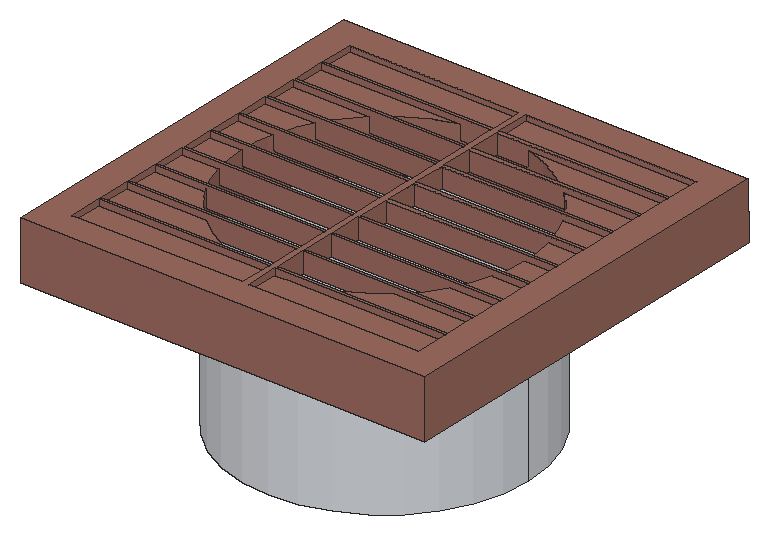
Revit family "9021012", category Air Terminals, host Face, Revit 2023
Family settings
  Host = Face
  Round Connector Dimension = Use Diameter
  Part Type = Normal
  Cut with Voids When Loaded = No
  Shared = No
  Room Calculation Point = No
Parameters (values of type "154 x 154 x 100mm Dia - Beige With F/S")
  WorkExecutionLevel = "N/A"
  WeeklyMaintenance = "N/A"
  WarrantyStartDate [instance] = "N/A"
  WarrantyPeriod = "2"
  WarrantyIdentifier = "N/A"
  WarrantyGuarantorParts = "info@airflow.com"
  WarrantyGuarantorLabor = "info@airflow.com"
  WarrantyGuarantor = "Airflow Developments Ltd"
  WarrantyEndDate [instance] = "N/A"
  WarrantyContent = "Replacement of part if faulty"
  Uniclass2015 = "Pr_65_70_46_01"
  TotalSurfaceArea [instance] = 0.0196 m²
  TagNumber [instance] = "N/A"
  Status [instance] = "New"
  Size = "46 x 140 x 140"
  ShippingWeight = 0.012 kg
  Shape = "Rectangular"
  ServiceLifeType = "EXPECTEDSERVICELIFE"
  ServiceLifeDuration = "10"
  SerialNumber [instance] = "N/A"
  ReplacementCost = "6.348"
  QuarterlyMaintenance = "N/A"
  QualityOfComponents = "N/A"
  ProductionYear = "2017"
  ProductLiterature = "N/A"
  PointOfContact = "Airflow Developments Ltd"
  Perimeter [instance] = 560 mm
  OutdoorEnviornment = "N/A"
  OperationAndMaintenanceManual = "N/A"
  NumberOfSlots = 20
  NominalWidth = 140 mm
  NominalLength = 46 mm
  NominalHeight = 140 mm
  NBSCode = "90-75-50/370 Air terminals;"
  MountingType = "SURFACE"
  MonthlyMaintenance = "N/A"
  ModelReference = "90002008"
  ModelLabel = "154 x 154 x 100mm dia. Fixed Grille (Beige) with F/S"
  MeanTimeBetweenFailure = "N/A"
  Material = "Plastic"
  ManufacturerWebsite = "www.airflow.com"
  ManufacturerTelephone = "01494 525252"
  ManufacturerE-Mail = "info@airflow.com"
  ManufacturerAddress = "Aidelle House\nLancaster Road\nCressex Business Park\nHigh Wycombe\nBucks\nHP123QP"
  Manufacturer = "Airflow Developments Ltd"
  MaintenanceRequired8001to12000hrs = "N/A"
  MaintenanceRequired601to1000hrs = "N/A"
  MaintenanceRequired4001to8000hrs = "N/A"
  MaintenanceRequired301to600hrs = "N/A"
  MaintenanceRequired2001to4000hrs = "N/A"
  MaintenanceRequired1001to2000hrs = "N/A"
  MaintenanceRequired0to300hrs = "N/A"
  MaintenanceLevel = "N/A"
  IsExtendedWarranty = no
  IndoorEnviornment = "N/A"
  InUseConditions = "N/A"
  ISO90001 = yes
  ISO140001 = yes
  HasThermalInsulation = no
  HasSoundAttenuator = no
  HasIntegralControl = no
  GrossWeight = 0.01 kg
  Grade = "Virgin"
  GlobalTradeItemNumber = "N/A"
  Fly_Screen = yes
  FlowControlType = "NONE"
  Flow [instance] = 0.0 L/s
  Finish = "Matte"
  Features [instance] = "154 x 154 x 100mm dia. Fixed Grille (Beige) with F/S"
  FaceType = "LOUVERED"
  External_Grille = CADS_AirFlow_Brown
  Exclusions = "Incorrect Use / Incorrect Installation / Installed by a non-accredited electrician. Customer abuse."
  Dv = D - 2 mm  # 98 mm
  DurationUnit = "Years"
  DesignLevel = "N/A"
  Description = "154 x 154 x 100mm dia. Fixed Grille (Beige) with F/S"
  Default Elevation = 1219.2 mm
  DailyMaintenance = "N/A"
  D = 100 mm
  Constituents = "Brown"
  Color = "Brown"
  CodePerformance = "N/A"
  CEApproval = yes
  BespokeTimeFrameMaintenance = "N/A"
  B = 20 mm
  AssetType = "Fixed"
  AssetIdentifier [instance] = "N/A"
  AssemblyPlace = "N/A"
  AnnualMaintenance = "N/A"
  AirflowRateRange = "0-61"
  AccessibilityPerformance = "N/A"
  A = 140 mm
  6MonthlyMaintenance = "Visually inspect system, clean the fan and ducting if necessary"
Types (18, lengths in mm): name | TotalSurfaceArea | Size | ShippingWeight | ReplacementCost | Perimeter | NumberOfSlots | NominalWidth | NominalLength | NominalHeight | ModelReference | ModelLabel | GrossWeight | Fly_Screen | Features | External_Grille | Dv | Description | D | Constituents | Color | A
  (no name) | 0.0196 m² | "46 x 140 x 140" | 0.012 kg | "6.348" | 560 | 20 | 140 | 46 | 140 | "90002008" | "154 x 154 x 100mm dia. Fixed Grille (Beige) with F/S" | 0.01 kg | yes | "154 x 154 x 100mm dia. Fixed Grille (Beige) with F/S" | CADS_AirFlow_Brown | 98 | "154 x 154 x 100mm dia. Fixed Grille (Beige) with F/S" | 100 | "Brown" | "Brown" | 140
  140 x 140 x 100mm Dia - White | 0.0196 m² | "46 x 140 x 140" | 0.012 kg | "4.752" | 560 | 20 | 140 | 46 | 140 | "52641101" | "140 x 140 x 100mm dia. Fixed Grille (White) No F/S" | 0.01 kg | no | "140 x 140 x 100mm dia. Fixed Grille (White) No F/S" | CADS_AirFlow_White | 98 | "140 x 140 x 100mm dia. Fixed Grille (White) No F/S" | 100 | "White" | "White" | 140
  140 x 140 x 100mm Dia -  Grey | 0.0196 m² | "46 x 140 x 140" | 0.012 kg | "4.752" | 560 | 20 | 140 | 46 | 140 | "52641102" | "140 x 140 x 100mm dia. Fixed Grille (Grey) No F/S" | 0.01 kg | no | "140 x 140 x 100mm dia. Fixed Grille (Grey) No F/S" | CADS_AirFlow_Grey | 98 | "140 x 140 x 100mm dia. Fixed Grille (Grey) No F/S" | 100 | "Grey" | "Grey" | 140
  140 x 140 x 100mm Dia - Terracotta | 0.0196 m² | "46 x 140 x 140" | 0.012 kg | "4.752" | 560 | 20 | 140 | 46 | 140 | "52641103" | "140 x 140 x 100mm dia. Fixed Grille (Terracotta) No F/S" | 0.01 kg | no | "140 x 140 x 100mm dia. Fixed Grille (Terracotta) No F/S" | CADS_AirFlow_Terracotta | 98 | "140 x 140 x 100mm dia. Fixed Grille (Terracotta) No F/S" | 100 | "Terracotta" | "Terracotta" | 140
  140 x 140 x 100mm Dia - Brown | 0.0196 m² | "46 x 140 x 140" | 0.012 kg | "4.752" | 560 | 20 | 140 | 46 | 140 | "52641104" | "140 x 140 x 100mm dia. Fixed Grille (Brown) No F/S" | 0.01 kg | no | "140 x 140 x 100mm dia. Fixed Grille (Brown) No F/S" | CADS_AirFlow_Brown | 98 | "140 x 140 x 100mm dia. Fixed Grille (Brown) No F/S" | 100 | "Brown" | "Brown" | 140
  140 x 140 x 100mm Dia - Beige | 0.0196 m² | "46 x 140 x 140" | 0.012 kg | "4.752" | 560 | 20 | 140 | 46 | 140 | "52641105" | "140 x 140 x 100mm dia. Fixed Grille (Beige) No F/S" | 0.01 kg | no | "140 x 140 x 100mm dia. Fixed Grille (Beige) No F/S" | CADS_AirFlow_Beige | 98 | "140 x 140 x 100mm dia. Fixed Grille (Beige) No F/S" | 100 | "Beige" | "Beige" | 140
  140 x 140 x 100mm Dia - Brown With F/S | 0.0196 m² | "46 x 140 x 140" | 0.012 kg | "6.348" | 560 | 20 | 140 | 46 | 140 | "9021012" | "140 x 140 x 100mm dia. Fixed Grille (Brown) with F/S" | 0.01 kg | yes | "140 x 140 x 100mm dia. Fixed Grille (Brown) with F/S" | CADS_AirFlow_Brown | 98 | "140 x 140 x 100mm dia. Fixed Grille (Brown) with F/S" | 100 | "Brown" | "Brown" | 140
  140 x 140 x 100mm Dia - Terracotta With F/S | 0.0196 m² | "47 x 140 x 140" | 0.012 kg | "6.348" | 560 | 20 | 150 | 46 | 150 | "9021082" | "140 x 140 x 100mm dia. Fixed Grille (Terracotta) with F/S" | 0.01 kg | yes | "140 x 140 x 100mm dia. Fixed Grille (Terracotta) with F/S" | CADS_AirFlow_Terracotta | 98 | "140 x 140 x 100mm dia. Fixed Grille (Terracotta) with F/S" | 100 | "Terracotta" | "Terracotta" | 140
  150 x 150 x 100mm Dia - White With F/S | 0.0225 m² | "46 x 150 x 150" | 0.012 kg | "7.944" | 600 | 20 | 140 | 46 | 140 | "9021172" | "150 x 150 x 100mm dia. Fixed Grille (White) with F/S" | 0.01 kg | yes | "150 x 150 x 100mm dia. Fixed Grille (White) with F/S" | CADS_AirFlow_White | 98 | "150 x 150 x 100mm dia. Fixed Grille (White) with F/S" | 100 | "White" | "White" | 150
  160 x 160 x 125mm Dia -Terracotta | 0.0256 m² | "39 x 160 x 160" | 0.012 kg | "6.828" | 640 | 62 | 160 | 39 | 160 | "9041223" | "160 x 160 x 125mm dia. Fixed Grille (Terracotta) No F/S" | 0.01 kg | no | "160 x 160 x 125mm dia. Fixed Grille (Terracotta) No F/S" | CADS_AirFlow_Terracotta | 123 | "160 x 160 x 125mm dia. Fixed Grille (Terracotta) No F/S" | 125 | "Terracotta" | "Terracotta" | 160
  160 x 160 x 125mm Dia - Brown | 0.0256 m² | "39 x 160 x 160" | 0.012 kg | "6.828" | 640 | 20 | 160 | 39 | 160 | "9041222" | "160 x 160 x 125mm dia. Fixed Grille (Brown) No F/S" | 0.01 kg | no | "160 x 160 x 125mm dia. Fixed Grille (Brown) No F/S" | CADS_AirFlow_Brown | 123 | "160 x 160 x 125mm dia. Fixed Grille (Brown) No F/S" | 125 | "Brown" | "Brown" | 160
  160 x 160 x 125mm Dia - White | 0.0256 m² | "39 x 160 x 160" | 0.012 kg | "6.828" | 640 | 20 | 160 | 39 | 160 | "9041221" | "160 x 160 x 125mm dia. Fixed Grille (White) No F/S" | 0.01 kg | no | "160 x 160 x 125mm dia. Fixed Grille (White) No F/S" | CADS_AirFlow_White | 123 | "160 x 160 x 125mm dia. Fixed Grille (White) No F/S" | 125 | "White" | "White" | 160
  180 x 180 x 150mm Dia - White | 0.0324 m² | "48 x 180 x 180" | 0.018 kg | "9.528" | 720 | 20 | 180 | 48 | 180 | "52641106" | "180 x 180 x 150mm dia. Fixed Grille (White)" | 0.015 kg | no | "180 x 180 x 150mm dia. Fixed Grille (White)" | CADS_AirFlow_White | 148 | "180 x 180 x 150mm dia. Fixed Grille (White)" | 150 | "White" | "White" | 175
  180 x 180 x 150mm Dia - Grey | 0.0324 m² | "48 x 180 x 180" | 0.018 kg | "9.528" | 720 | 20 | 180 | 48 | 180 | "52641107" | "180 x 180 x 150mm dia. Fixed Grille (Grey)" | 0.015 kg | no | "180 x 180 x 150mm dia. Fixed Grille (Grey)" | CADS_AirFlow_Grey | 148 | "180 x 180 x 150mm dia. Fixed Grille (Grey)" | 150 | "Grey" | "Grey" | 175
  180 x 180 x 150mm Dia - Terracotta | 0.0324 m² | "48 x 180 x 180" | 0.018 kg | "9.528" | 720 | 20 | 180 | 48 | 180 | "52641108" | "180 x 180 x 150mm dia. Fixed Grille (Terracotta)" | 0.015 kg | no | "180 x 180 x 150mm dia. Fixed Grille (Terracotta)" | CADS_AirFlow_Terracotta | 148 | "180 x 180 x 150mm dia. Fixed Grille (Terracotta)" | 150 | "Terracotta" | "Terracotta" | 175
  180 x 180 x 150mm Dia - Brown | 0.0324 m² | "48 x 180 x 180" | 0.018 kg | "9.528" | 720 | 20 | 180 | 48 | 180 | "52641109" | "180 x 180 x 150mm dia. Fixed Grille (Brown)" | 0.015 kg | no | "180 x 180 x 150mm dia. Fixed Grille (Brown)" | CADS_AirFlow_Brown | 148 | "180 x 180 x 150mm dia. Fixed Grille (Brown)" | 150 | "Brown" | "Brown" | 175
  180 x 180 x 150mm Dia - Beige | 0.0324 m² | "48 x 180 x 180" | 0.018 kg | "9.528" | 720 | 20 | 180 | 48 | 180 | "52641110" | "180 x 180 x 150mm dia. Fixed Grille (Beige)" | 0.015 kg | no | "180 x 180 x 150mm dia. Fixed Grille (Beige)" | CADS_AirFlow_Beige | 148 | "180 x 180 x 150mm dia. Fixed Grille (Beige)" | 150 | "Beige" | "Beige" | 175
  154 x 154 x 100mm Dia - Beige With F/S | 0.0196 m² | "46 x 140 x 140" | 0.012 kg | "6.348" | 560 | 20 | 140 | 46 | 140 | "90002008" | "154 x 154 x 100mm dia. Fixed Grille (Beige) with F/S" | 0.01 kg | yes | "154 x 154 x 100mm dia. Fixed Grille (Beige) with F/S" | CADS_AirFlow_Brown | 98 | "154 x 154 x 100mm dia. Fixed Grille (Beige) with F/S" | 100 | "Brown" | "Brown" | 140
Reference planes
  plane 1 "Center (Front/Back)": y = 0
  plane 2: z = 0
  plane 3 "Center (Left/Right)": x = 0
  plane 4: x = -70
  plane 5: x = 70
  plane 6: y = 70
  plane 7: y = -70
  plane 8: z = 20
  plane 9: z = 18
  plane 10: z = -50
  plane 11: x = -60
  plane 12: x = 60
  plane 13: y = 60
  plane 14: y = -60
  plane 15: y = 48
  plane 16: y = 48.5
  plane 17: y = 47.5
  plane 18: y = 36
  plane 19: y = 36.5
  plane 20: y = 35.5
  plane 21: y = 24
  plane 22: y = 24.5
  plane 23: y = 23.5
  plane 24: y = 12
  plane 25: y = 12.5
  plane 26: y = 11.5
  plane 27: y = -12
  plane 28: y = -11.5
  plane 29: y = -12.5
  plane 30: y = -24
  plane 31: y = -23.5
  plane 32: y = -24.5
  plane 33: y = -36
  plane 34: y = -35.5
  plane 35: y = -36.5
  plane 36: y = -48
  plane 37: y = -47.5
  plane 38: y = -48.5
  plane 39: y = 0.5
  plane 40: y = -0.5
  plane 41: x = -1
  plane 42: x = 1
  plane 43: z = 13
  plane 44: y = 20
  plane 45: y = -20
Forms (mm)
  Extrusion 1, solid, material "CADS_AirFlow_Brown" <- "External_Grille", detail levels medium+fine
    sketch origin (0, 0, 0) x (1, 0, 0) y (0, 1, 0)
      loop
        line (-70, 70) -> (-70, -70) -> (70, -70) -> (70, 70) -> (-70, 70)
    from 0 to 18
  Extrusion 2, solid, material "CADS_AirFlow_Brown" <- "External_Grille", detail levels medium+fine
    sketch origin (0, 0, 0) x (1, 0, 0) y (0, 1, 0)
      loop
        line (-60, 60) -> (-60, -60) -> (60, -60) -> (60, 60) -> (-60, 60)
    from 13 to 20
  Extrusion 3, solid
    sketch origin (0, 0, 0) x (1, 0, 0) y (0, 1, 0)
      loop
        circle (0, 0) r 50
    from -50 to 0
  Extrusion 4, void, detail levels medium+fine
    sketch origin (0, 0, 0) x (1, 0, 0) y (0, 1, 0)
      loop
        circle (0, 0) r 49
    from -50 to 18
  Extrusion 5, void, detail levels medium+fine
    sketch origin (0, 0, 0) x (1, 0, 0) y (0, 1, 0)
      loop
        line (-60, 60) -> (-60, 48.5) -> (-1, 48.5) -> (-1, 60) -> (-60, 60)
      loop
        line (-60, 47.5) -> (-60, 36.5) -> (-1, 36.5) -> (-1, 47.5) -> (-60, 47.5)
      loop
        line (-60, 35.5) -> (-60, 24.5) -> (-1, 24.5) -> (-1, 35.5) -> (-60, 35.5)
      loop
        line (-60, 23.5) -> (-60, 12.5) -> (-1, 12.5) -> (-1, 23.5) -> (-60, 23.5)
      loop
        line (-60, 11.5) -> (-60, 0.5) -> (-1, 0.5) -> (-1, 11.5) -> (-60, 11.5)
      loop
        line (-60, -0.5) -> (-60, -11.5) -> (-1, -11.5) -> (-1, -0.5) -> (-60, -0.5)
      loop
        line (-60, -12.5) -> (-60, -23.5) -> (-1, -23.5) -> (-1, -12.5) -> (-60, -12.5)
      loop
        line (-60, -24.5) -> (-60, -35.5) -> (-1, -35.5) -> (-1, -24.5) -> (-60, -24.5)
      loop
        line (-60, -36.5) -> (-60, -47.5) -> (-1, -47.5) -> (-1, -36.5) -> (-60, -36.5)
      loop
        line (-60, -48.5) -> (-60, -60) -> (-1, -60) -> (-1, -48.5) -> (-60, -48.5)
      loop
        line (1, 60) -> (1, 48.5) -> (60, 48.5) -> (60, 60) -> (1, 60)
      loop
        line (1, 47.5) -> (1, 36.5) -> (60, 36.5) -> (60, 47.5) -> (1, 47.5)
      loop
        line (1, 35.5) -> (1, 24.5) -> (60, 24.5) -> (60, 35.5) -> (1, 35.5)
      loop
        line (1, 23.5) -> (1, 12.5) -> (60, 12.5) -> (60, 23.5) -> (1, 23.5)
      loop
        line (1, 11.5) -> (1, 0.5) -> (60, 0.5) -> (60, 11.5) -> (1, 11.5)
      loop
        line (1, -0.5) -> (1, -11.5) -> (60, -11.5) -> (60, -0.5) -> (1, -0.5)
      loop
        line (1, -12.5) -> (1, -23.5) -> (60, -23.5) -> (60, -12.5) -> (1, -12.5)
      loop
        line (1, -24.5) -> (1, -35.5) -> (60, -35.5) -> (60, -24.5) -> (1, -24.5)
      loop
        line (1, -36.5) -> (1, -47.5) -> (60, -47.5) -> (60, -36.5) -> (1, -36.5)
      loop
        line (1, -48.5) -> (1, -60) -> (60, -60) -> (60, -48.5) -> (1, -48.5)
    from 13 to 20
  Extrusion 6, solid, material "CADS_AirFlow_Brown" <- "External_Grille", detail levels medium+fine
    sketch origin (0, 0, 0) x (1, 0, 0) y (0, 1, 0)
      loop
        line (-70, 70) -> (-70, -70) -> (70, -70) -> (70, 70) -> (-70, 70)
      loop
        line (-60, 60) -> (-60, -60) -> (60, -60) -> (60, 60) -> (-60, 60)
    from 18 to 20
  Extrusion 7, solid, material "CADS_AirFlow_Brown" <- "External_Grille", detail levels coarse
    sketch origin (0, 0, 0) x (1, 0, 0) y (0, 1, 0)
      loop
        line (-70, 70) -> (-70, -70) -> (70, -70) -> (70, 70) -> (-70, 70)
    from 0 to 20
Cuts and joins
  Extrusion 4 cuts Extrusion 3
  Extrusion 4 cuts Extrusion 1
  Extrusion 5 cuts Extrusion 2
  joined: Extrusion 1, Extrusion 2, Extrusion 6
Lines and regions (mm)
  reference lines
    curve 1: line (0, 60, 20) -> (0, 16.447, 25.312)
    curve 2: line (0, 20, 19.837) -> (0, -24.886, 25.312)
    curve 3: line (0, -20, 19.675) -> (0, -66.219, 25.312)
Dimensions and locks
  equal spacing: plane 4, plane 3 "Center (Left/Right)", plane 5
  equal spacing: plane 6, plane 1 "Center (Front/Back)", plane 7
  "A": plane 4 to plane 5
  "A": plane 6 to plane 7
  "B": plane 8 to level
  locked: plane 8 to plane 9 at 2
  locked: level to plane 10 at 50
  locked: plane 6 to plane 13 at 10
  locked: plane 14 to plane 7 at 10
  locked: plane 12 to plane 5 at 10
  locked: plane 4 to plane 11 at 10
  plane 16 to plane 15 to plane 17 = 0.5 mm locked, 0.5 mm locked
  plane 19 to plane 18 to plane 20 = 0.5 mm locked, 0.5 mm locked
  plane 22 to plane 21 to plane 23 = 0.5 mm locked, 0.5 mm locked
  plane 25 to plane 24 to plane 26 = 0.5 mm locked, 0.5 mm locked
  plane 28 to plane 27 to plane 29 = 0.5 mm locked, 0.5 mm locked
  plane 31 to plane 30 to plane 32 = 0.5 mm locked, 0.5 mm locked
  plane 34 to plane 33 to plane 35 = 0.5 mm locked, 0.5 mm locked
  plane 37 to plane 36 to plane 38 = 0.5 mm locked, 0.5 mm locked
  plane 40 to plane 1 "Center (Front/Back)" to plane 39 = 0.5 mm locked, 0.5 mm locked
  plane 41 to plane 3 "Center (Left/Right)" to plane 42 = 1 mm locked, 1 mm locked
  equal spacing: plane 1 "Center (Front/Back)", plane 27, plane 30, plane 33, plane 36, plane 14
  equal spacing: plane 1 "Center (Front/Back)", plane 24, plane 21, plane 18, plane 15, plane 13
  locked: plane 9 to plane 43 at 5
  equal spacing: plane 13, plane 44, plane 45, plane 14
  "D": diameter of Extrusion 3 sketch curve
  "Dv": diameter of Extrusion 4 sketch curve
  aligned and locked: plane 2 to host face
  aligned and locked: level to host face
  aligned and locked: Extrusion 1 sketch curve to plane 6
  aligned and locked: Extrusion 1 sketch curve to plane 5
  aligned and locked: Extrusion 3 to plane 10
  aligned and locked: level to Extrusion 3
  aligned and locked: plane 8 to Extrusion 2
  aligned and locked: Extrusion 1 to level
  aligned and locked: plane 9 to Extrusion 1
  aligned and locked: Extrusion 3 to Extrusion 4
  aligned and locked: plane 9 to Extrusion 4
  aligned and locked: plane 11 to Extrusion 2 sketch curve
  aligned and locked: plane 14 to Extrusion 2 sketch curve
  aligned and locked: Extrusion 2 sketch curve to plane 12
  aligned and locked: Extrusion 2 sketch curve to plane 13
  aligned and locked: plane 11 to Extrusion 5 sketch curve  (x10)
  aligned and locked: Extrusion 5 sketch curve to plane 13  (x2)
  aligned and locked: plane 16 to Extrusion 5 sketch curve  (x2)
  aligned and locked: Extrusion 5 sketch curve to plane 17  (x2)
  aligned and locked: plane 19 to Extrusion 5 sketch curve  (x2)
  aligned and locked: Extrusion 5 sketch curve to plane 20  (x2)
  aligned and locked: plane 22 to Extrusion 5 sketch curve  (x2)
  aligned and locked: Extrusion 5 sketch curve to plane 23  (x2)
  aligned and locked: plane 25 to Extrusion 5 sketch curve  (x2)
  aligned and locked: Extrusion 5 sketch curve to plane 26  (x2)
  aligned and locked: plane 39 to Extrusion 5 sketch curve  (x2)
  aligned and locked: plane 40 to Extrusion 5 sketch curve  (x2)
  aligned and locked: plane 28 to Extrusion 5 sketch curve  (x2)
  aligned and locked: Extrusion 5 sketch curve to plane 29  (x2)
  aligned and locked: plane 31 to Extrusion 5 sketch curve  (x2)
  aligned and locked: Extrusion 5 sketch curve to plane 32  (x2)
  aligned and locked: plane 34 to Extrusion 5 sketch curve  (x2)
  aligned and locked: Extrusion 5 sketch curve to plane 35  (x2)
  aligned and locked: plane 37 to Extrusion 5 sketch curve  (x2)
  aligned and locked: Extrusion 5 sketch curve to plane 38  (x2)
  aligned and locked: plane 14 to Extrusion 5 sketch curve  (x2)
  aligned and locked: Extrusion 5 sketch curve to plane 41  (x10)
  aligned and locked: Extrusion 5 sketch curve to plane 42  (x10)
  aligned and locked: Extrusion 5 sketch curve to plane 12  (x10)
  aligned and locked: plane 8 to Extrusion 5
  aligned and locked: plane 4 to Extrusion 6 sketch curve
  aligned and locked: Extrusion 6 sketch curve to plane 5
  aligned and locked: plane 11 to Extrusion 6 sketch curve
  aligned and locked: plane 14 to Extrusion 6 sketch curve
  aligned and locked: Extrusion 6 to plane 9
  aligned and locked: plane 8 to Extrusion 6
  aligned and locked: Extrusion 2 to plane 43
  aligned and locked: Extrusion 5 to Extrusion 2
  aligned and locked: Extrusion 7 sketch curve to plane 6
  aligned and locked: plane 7 to Extrusion 7 sketch curve
  aligned and locked: plane 8 to Extrusion 7
  aligned and locked: plane 13 to curve 1
  aligned and locked: plane 44 to curve 2
  aligned and locked: plane 45 to curve 3
Automatic sketch dimensions
  host sketch curve to host sketch curve = 2438.4 mm  (x2)
  Extrusion 1 sketch curve to plane 4 = 0 mm
  Extrusion 1 sketch curve to plane 7 = 0 mm
  Extrusion 6 sketch curve to plane 12 = 0 mm
  Extrusion 6 sketch curve to plane 7 = 0 mm
  Extrusion 6 sketch curve to plane 13 = 0 mm
  Extrusion 6 sketch curve to plane 6 = 0 mm
  Extrusion 7 sketch curve to plane 4 = 0 mm
  Extrusion 7 sketch curve to plane 5 = 0 mm
  curve 1 to plane 8 = 0 mm
  curve 2 to plane 32 = 0.386 mm
  plane 7 to curve 3 = 3.781 mm
  curve 1 to plane 44 = 3.553 mm
  curve 2 to plane 8 = 0.163 mm
  curve 3 to plane 8 = 0.325 mm
  plane 8 to curve 2 = 5.312 mm
  plane 8 to curve 3 = 5.312 mm
  plane 8 to curve 1 = 5.312 mm
  plane 1 "Center (Front/Back)" to Extrusion 3 sketch curve = 0 mm
  Extrusion 3 sketch curve to plane 3 "Center (Left/Right)" = 0 mm
  plane 1 "Center (Front/Back)" to Extrusion 4 sketch curve = 0 mm
  Extrusion 4 sketch curve to plane 3 "Center (Left/Right)" = 0 mm
Connectors
  hvac at (0, 0, 0), driven by "D", driven by "Flow"
    settings: on cut or joined group of Extrusion 3, Extrusion 4, index 1, duct flow 0.0 L/s, flow factor 0, pres drop 0.0 Pa, loss coef 0, conn angle 0.00°, conn width 304.8 mm, conn height 304.8 mm, conn diameter 100 mm, duct sys type 4, conn prof type 0, flow config 0, flow direction 2, loss method 0, conn ref index -1, conn util no, is conn primary yes, conn desc ""
